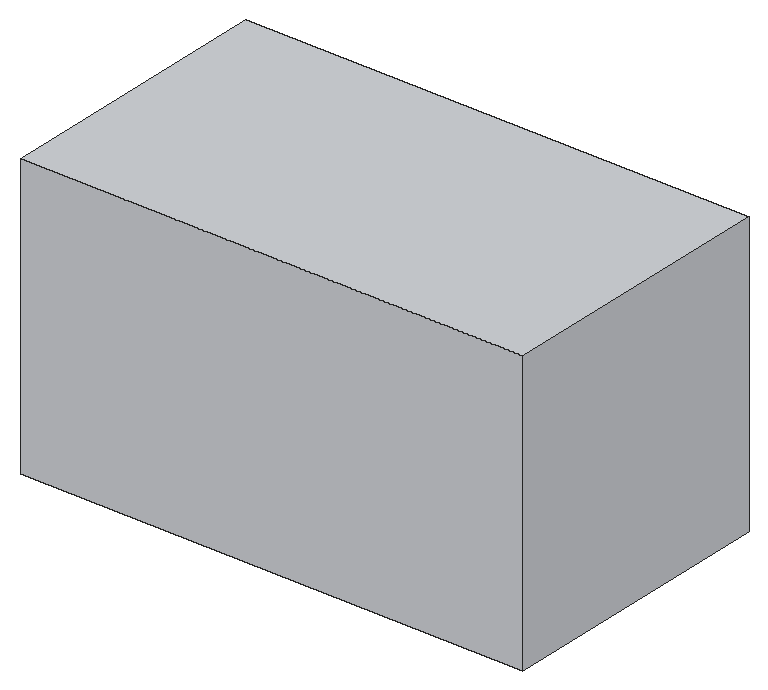
Revit family "M_Caixa exposta - Duas saídas - Um lado - PVC", category Conexões do conduite, Revit 2019
Family settings
  Cota do conector redondo = Usar raio
  Tipo de parte = Múltiplas portas
  Número OmniClass = 23.80.30.17.11
  Título OmniClass = Conduits
  ID de item do Seek = Exposed Box - Two Outlets - One Side - PVC-0000-CAN-ENU
  Com base no plano de trabalho = Não
  Sempre na vertical = Sim
  Corte com vazios quando carregada = Não
  Compartilhado = Não
Parameters (values of type "Caixa de tomada única")
  Largura 2 [instance] = Diâmetro nominal máximo 12 + 12.7 mm  # 28.7 mm
  Largura 1 [instance] = (Largura - Largura 2) * 0.5  # 17.65 mm
  Largura [instance] = if(not(Diâmetro nominal máximo 12 > 21 mm), Largura externa, 6 * Diâmetro nominal máximo 12)  # 64 mm
  Largura externa [instance] = 64 mm
  Raio nominal 2 [instance] = 8 mm
  Raio nominal 1 [instance] = 8 mm
  Diâmetro nominal 2 [instance] = Raio nominal 2 * 2  # 16 mm
  Diâmetro nominal 1 [instance] = Raio nominal 1 * 2  # 16 mm
  Diâmetro nominal máximo 12 [instance] = if(Diâmetro nominal 1 > Diâmetro nominal 2, Diâmetro nominal 1, Diâmetro nominal 2)  # 16 mm
  Comprimento [instance] = if(not(Diâmetro nominal máximo 12 > 27 mm), 114 mm, 8 * Diâmetro nominal máximo 12)  # 114 mm
  Altura [instance] = if(not(Diâmetro nominal máximo 12 > 27 mm), 64 mm, if(Diâmetro nominal máximo 12 < 155 mm, 155 mm, Diâmetro nominal máximo 12 * 1.2))  # 64 mm
Types (3, lengths in mm): name | Largura 1 | Largura | Largura externa
  (no name) | 17.65 | 64 | 64
  Caixa de tomada única | 17.65 | 64 | 64
  Caixa de tomada dupla | 45.65 | 120 | 120
Reference planes
  plane 1 "Centro (Frente/Trás)": y = 0
  plane 2: z = 0
  plane 3 "Centro (Esquerda/Direita)": x = 0
  plane 4: y = 17.65
  plane 5: y = -46.35
  plane 6: x = 114
  plane 7: z = -32
  plane 8: z = 32
  plane 9: y = -28.7
Forms (mm)
  Extrusion 1, solid
    sketch origin (0, 0, 0) x (1, 0, 0) y (0, 1, 0)
      loop
        line (0, 17.65) -> (0, -46.35) -> (114, -46.35) -> (114, 17.65) -> (0, 17.65)
    from -32 to 32
  Extrusion 2, solid
    sketch origin (0, 0, 0) x (0, 1, 0) y (0, 0, 1)
      loop
        circle (0, 0) r 8
    from 0 to 24.53
  Extrusion 3, solid
    sketch origin (0, 0, 0) x (0, 1, 0) y (0, 0, 1)
      loop
        circle (-28.7, 0) r 8
    from 0 to 24.53
Cuts and joins
  joined: Extrusion 1, Extrusion 2, Extrusion 3
Dimensions and locks
  equal spacing: plane 8, plane 2, plane 7
  locked: level to plane 2
  "Altura": plane 8 to plane 7
  "Comprimento": plane 3 "Centro (Esquerda/Direita)" to plane 6
  "Largura 1": plane 4 to plane 1 "Centro (Frente/Trás)"
  "Largura 2": plane 9 to plane 1 "Centro (Frente/Trás)"
  "Largura": plane 4 to plane 5
  "Raio nominal 1": radius of Extrusion 2 sketch curve
  "Raio nominal 1": radius of Extrusion 3 sketch curve
  aligned and locked: Extrusion 1 sketch curve to plane 4
  aligned and locked: plane 5 to Extrusion 1 sketch curve
  aligned and locked: Extrusion 1 sketch curve to plane 6
  aligned: Extrusion 1 to plane 2
  aligned and locked: Extrusion 1 to plane 7
  aligned and locked: plane 8 to Extrusion 1
  aligned and locked: Extrusion 1 to plane 3 "Centro (Esquerda/Direita)"
  aligned and locked: plane 2 to Extrusion 2 sketch curve
  aligned and locked: plane 1 "Centro (Frente/Trás)" to Extrusion 2 sketch curve
  aligned and locked: Extrusion 2 to plane 3 "Centro (Esquerda/Direita)"
  aligned and locked: plane 2 to Extrusion 3 sketch curve
  aligned and locked: plane 9 to Extrusion 3 sketch curve
  aligned and locked: Extrusion 3 to plane 3 "Centro (Esquerda/Direita)"
Automatic sketch dimensions
  plane 3 "Centro (Esquerda/Direita)" to Extrusion 1 sketch curve = 0 mm
Connectors
  cabletrayconduit at (0, 0, 0), diameter 16, driven by "Raio nominal 1"
    settings: on Extrusion 2, index 1, connector width 304.8 mm, connector height 304.8 mm, connector angle 0.00°, system type 32, placement type 0, profile type 0, connector reference index 2, is primary connector yes, connector utility param no, connector description ""
  cabletrayconduit at (0, -28.7, 0), diameter 16, driven by "Raio nominal 2"
    settings: on Extrusion 3, index 2, connector width 304.8 mm, connector height 304.8 mm, connector angle 0.00°, system type 32, placement type 0, profile type 0, connector reference index 1, is primary connector no, connector utility param no, connector description ""
